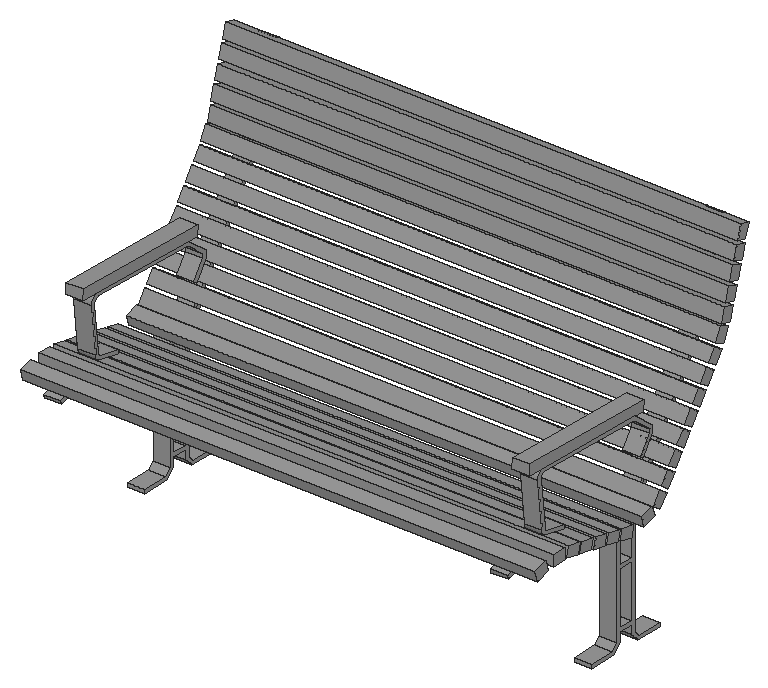
Revit family "Скамейка стальная «Лакус» Арт 13230", category Антураж, Revit 2018
Family settings
  На основе рабочей плоскости = Нет
  Всегда вертикально = Да
  При загрузке вырезать с полостями = Нет
  Источник визуального образа = Геометрия семейства
  Общий = Нет
  Точка расчета площади = Нет
Parameters (values of type "Версия 1,5 м")
  Ширина = 810 mm  # constant formula
  Цвет опоры = Сталь
  Цвет лавки = Дерево
  Средняя опора для ног = [Версия 2,0 м с опорой]  # no
  Средняя опора = or([Версия 2,0 м], [Версия 2,0 м с опорой])  # no
  Опора для ног = or([Версия 1,5 м с опорой], [Версия 1,8 м с опорой], [Версия 2,0 м с опорой])  # no
  Описание = if([Версия 1,5 м], "Скамейка стальная «Лакус». Верси 1,5 м", if([Версия 1,5 м с опорой], "Скамейка стальная «Лакус». Версия 1,5 м с опорой для ног", if([Версия 1,8 м], "Скамейка стальная «Лакус». Верси 1,8 м", if([Версия 1,8 м с опорой], "Скамейка стальная «Лакус». Версия 1,8 м с опорой для ног", if([Версия 2,0 м], "Скамейка стальная «Лакус». Верси 2,0 м", "Скамейка стальная «Лакус». Версия 2,0 м с опорой для ног")))))  # "Скамейка стальная «Лакус». Верси 1,5 м"
  Материал изделия = "Сталь, дерево"  # constant formula
  Изображение типоразмера = Скамейка стальная «Лакус» Арт 13230 без опоры.jpg
  Изготовитель = "ООО «Хоббика»"  # constant formula
  Длина = if(or([Версия 1,5 м], [Версия 1,5 м с опорой]), 1500 mm, if(or([Версия 1,8 м], [Версия 1,8 м с опорой]), 1800 mm, 2000 mm))  # 1500 mm
  Группа модели = "Садовые скамейки"  # constant formula
  Высота = 1000 mm  # constant formula
  Версия 2,0 м с опорой = no
  Версия 2,0 м = no
  Версия 1,8 м с опорой = no
  Версия 1,8 м = no
  Версия 1,5 м с опорой = no
  Версия 1,5 м = yes
  Артикул товара = "Арт. 13230"  # constant formula
  URL = "https://hobbyka.ru/product/skameyka_ulichnaya_lakus/"
Types (7, lengths in mm): name | Средняя опора для ног | Средняя опора | Опора для ног | Описание | Изображение типоразмера | Длина | Версия 2,0 м с опорой | Версия 2,0 м | Версия 1,8 м с опорой | Версия 1,8 м | Версия 1,5 м с опорой | Версия 1,5 м
  (no name) | no | no | no | "Скамейка стальная «Лакус». Верси 1,5 м" | Скамейка стальная «Лакус» Арт 13230 без опоры.jpg | 1500 | no | no | no | no | no | yes
  Версия 1,5 м | no | no | no | "Скамейка стальная «Лакус». Верси 1,5 м" | Скамейка стальная «Лакус» Арт 13230 без опоры.jpg | 1500 | no | no | no | no | no | yes
  Версия 1,5 м с опорой | no | no | yes | "Скамейка стальная «Лакус». Версия 1,5 м с опорой для ног" | Скамейка стальная «Лакус» Арт 13230 с опорой.jpg | 1500 | no | no | no | no | yes | no
  Версия 1,8 м | no | no | no | "Скамейка стальная «Лакус». Верси 1,8 м" | Скамейка стальная «Лакус» Арт 13230 без опоры.jpg | 1800 | no | no | no | yes | no | no
  Версия 1,8 с опорой | no | no | yes | "Скамейка стальная «Лакус». Версия 1,8 м с опорой для ног" | Скамейка стальная «Лакус» Арт 13230 с опорой.jpg | 1800 | no | no | yes | no | no | no
  Версия 2,0 м | no | yes | no | "Скамейка стальная «Лакус». Верси 2,0 м" | Скамейка стальная «Лакус» Арт 13230 без опоры.jpg | 2000 | no | yes | no | no | no | no
  Версия 2,0 м с опорой | yes | yes | yes | "Скамейка стальная «Лакус». Версия 2,0 м с опорой для ног" | Скамейка стальная «Лакус» Арт 13230 с опорой.jpg | 2000 | yes | no | no | no | no | no
Reference planes
  plane 1 "По центру (Вперед/Назад)": y = 0
  plane 2: z = 0
  plane 3 "По центру (Влево/Вправо)": x = 0
  plane 4: y = 810
  plane 5: x = 1500
  plane 6: x = 1400
  plane 7: x = 100
  plane 8: z = 1000
Forms (mm)
  Extrusion 1, solid, material "Дерево" <- "Цвет лавки"
    sketch origin (0, 0, 0) x (0, 1, 0) y (0, 0, 1)
      loop
        line (796.405, 981.339) -> (767.568, 989.608) -> (756.542, 951.158) -> (785.38, 942.889) -> (796.405, 981.339)
      loop
        line (782.624, 933.276) -> (753.786, 941.545) -> (742.76, 903.095) -> (771.598, 894.826) -> (782.624, 933.276)
      loop
        line (768.842, 885.213) -> (740.004, 893.482) -> (728.978, 855.032) -> (757.816, 846.763) -> (768.842, 885.213)
      loop
        line (755.06, 837.15) -> (726.222, 845.419) -> (715.196, 806.969) -> (744.034, 798.7) -> (755.06, 837.15)
      loop
        line (741.278, 789.087) -> (712.44, 797.356) -> (701.415, 758.906) -> (730.252, 750.636) -> (741.278, 789.087)
      loop
        line (723.203, 742.124) -> (696.239, 755.275) -> (678.704, 719.323) -> (705.668, 706.172) -> (723.203, 742.124)
      loop
        line (699.317, 693.152) -> (674.743, 710.359) -> (651.8, 677.593) -> (676.374, 660.386) -> (699.317, 693.152)
      loop
        line (670.638, 652.194) -> (646.064, 669.402) -> (623.121, 636.635) -> (647.695, 619.428) -> (670.638, 652.194)
      loop
        line (641.96, 611.237) -> (617.385, 628.444) -> (594.442, 595.678) -> (619.017, 578.471) -> (641.96, 611.237)
      loop
        line (613.281, 570.279) -> (588.706, 587.486) -> (565.763, 554.72) -> (590.338, 537.513) -> (613.281, 570.279)
      loop
        line (584.602, 529.321) -> (560.027, 546.529) -> (537.084, 513.763) -> (561.659, 496.555) -> (584.602, 529.321)
      loop
        line (555.923, 488.364) -> (531.349, 505.571) -> (508.406, 472.805) -> (532.98, 455.598) -> (555.923, 488.364)
      loop
        line (527.244, 447.406) -> (502.67, 464.614) -> (479.727, 431.847) -> (504.301, 414.64) -> (527.244, 447.406)
      loop
        line (498.566, 406.449) -> (473.991, 423.656) -> (451.048, 390.89) -> (475.622, 373.683) -> (498.566, 406.449)
      loop
        line (454.624, 364.91) -> (445.853, 393.6) -> (407.601, 381.905) -> (416.372, 353.216) -> (454.624, 364.91)
      loop
        line (370.458, 345.293) -> (376.695, 374.637) -> (337.569, 382.954) -> (331.332, 353.609) -> (370.458, 345.293)
      loop
        line (321.55, 355.688) -> (327.788, 385.033) -> (288.662, 393.349) -> (282.425, 364.005) -> (321.55, 355.688)
      loop
        line (272.643, 366.084) -> (278.88, 395.428) -> (239.755, 403.745) -> (233.517, 374.4) -> (272.643, 366.084)
      loop
        line (223.736, 376.48) -> (229.973, 405.824) -> (190.847, 414.14) -> (184.61, 384.796) -> (223.736, 376.48)
      loop
        line (174.828, 386.875) -> (181.066, 416.22) -> (141.94, 424.536) -> (135.702, 395.192) -> (174.828, 386.875)
      loop
        line (127.009, 394.152) -> (127.009, 424.152) -> (87.009, 424.152) -> (87.009, 394.152) -> (127.009, 394.152)
      loop
        line (67.435, 391.658) -> (58.664, 420.347) -> (20.412, 408.652) -> (29.183, 379.963) -> (67.435, 391.658)
    from 0 to 1500
  Extrusion 2, solid, material "Дерево" <- "Цвет лавки", visible <- "Опора для ног"
    sketch origin (0, 0, 0) x (0, 1, 0) y (0, 0, 1)
      loop
        line (-158.32, 280.609) -> (-167.092, 309.303) -> (-205.14, 296.94) -> (-196.368, 268.247) -> (-158.32, 280.609)
      loop
        line (-205.873, 265.158) -> (-214.645, 293.852) -> (-252.693, 281.489) -> (-243.921, 252.796) -> (-205.873, 265.158)
      loop
        line (-253.425, 249.707) -> (-262.198, 278.401) -> (-300.246, 266.038) -> (-291.474, 237.345) -> (-253.425, 249.707)
      loop
        line (-300.978, 234.257) -> (-309.751, 262.95) -> (-347.799, 250.588) -> (-339.026, 221.894) -> (-300.978, 234.257)
      loop
        line (-348.531, 218.806) -> (-357.304, 247.499) -> (-395.352, 235.137) -> (-386.579, 206.443) -> (-348.531, 218.806)
    from 0 to 1500
Dimensions and locks
  "Длина": plane 3 "По центру (Влево/Вправо)" to plane 5
  "Ширина": plane 4 to plane 1 "По центру (Вперед/Назад)"
  equal spacing: plane 3 "По центру (Влево/Вправо)", nested 5, plane 5
  locked: plane 6 to plane 5 at 100
  locked: plane 3 "По центру (Влево/Вправо)" to plane 7 at 100
  "Высота": plane 8 to level
  aligned and locked: level to plane 2
  aligned and locked: plane 7 to nested 3
  aligned and locked: plane 7 to nested 1
  aligned and locked: plane 6 to nested 4
  aligned and locked: plane 6 to nested 2
  aligned and locked: plane 7 to nested 6
  aligned and locked: plane 6 to nested 7
  aligned and locked: nested 3 to nested 6
  aligned and locked: plane 5 to Extrusion 1
  aligned and locked: nested 8 to nested 5
  aligned and locked: plane 5 to Extrusion 2
Automatic sketch dimensions
  Extrusion 1 sketch curve to plane 1 "По центру (Вперед/Назад)" = 20.412 mm
  Extrusion 1 sketch curve to plane 1 "По центру (Вперед/Назад)" = 29.183 mm
  Extrusion 1 sketch curve to Extrusion 1 sketch curve = 38.252 mm  (x2)
  Extrusion 1 sketch curve to Extrusion 1 sketch curve = 19.574 mm
  Extrusion 1 sketch curve to Extrusion 1 sketch curve = 40 mm
  Extrusion 1 sketch curve to Extrusion 1 sketch curve = 8.694 mm
  Extrusion 1 sketch curve to Extrusion 1 sketch curve = 14.931 mm
  Extrusion 1 sketch curve to Extrusion 1 sketch curve = 39.126 mm  (x5)
  Extrusion 1 sketch curve to Extrusion 1 sketch curve = 9.781 mm  (x8)
  Extrusion 1 sketch curve to Extrusion 1 sketch curve = 30.906 mm
  Extrusion 1 sketch curve to Extrusion 1 sketch curve = 8.771 mm
  Extrusion 1 sketch curve to Extrusion 1 sketch curve = 5.195 mm
  Extrusion 1 sketch curve to Extrusion 1 sketch curve = 22.943 mm  (x8)
  Extrusion 1 sketch curve to Extrusion 1 sketch curve = 20.998 mm
  Extrusion 1 sketch curve to Extrusion 1 sketch curve = 5.736 mm  (x14)
  Extrusion 1 sketch curve to Extrusion 1 sketch curve = 3.961 mm
  Extrusion 1 sketch curve to Extrusion 1 sketch curve = 17.535 mm
  Extrusion 1 sketch curve to Extrusion 1 sketch curve = 5.176 mm
  Extrusion 1 sketch curve to Extrusion 1 sketch curve = 6.35 mm
  Extrusion 1 sketch curve to Extrusion 1 sketch curve = 11.025 mm  (x5)
  Extrusion 1 sketch curve to Extrusion 1 sketch curve = 2.756 mm  (x8)
  Extrusion 1 sketch curve to Extrusion 1 sketch curve = 7.05 mm
  Extrusion 1 sketch curve to plane 8 = 10.392 mm
  Extrusion 1 sketch curve to plane 8 = 18.661 mm
  Extrusion 1 sketch curve to Extrusion 1 sketch curve = 9.613 mm  (x8)
  Extrusion 1 sketch curve to Extrusion 1 sketch curve = 3.63 mm
  Extrusion 1 sketch curve to Extrusion 1 sketch curve = 8.512 mm
  Extrusion 1 sketch curve to Extrusion 1 sketch curve = 8.964 mm
  Extrusion 1 sketch curve to Extrusion 1 sketch curve = 13.02 mm
  Extrusion 1 sketch curve to Extrusion 1 sketch curve = 8.192 mm  (x14)
  Extrusion 1 sketch curve to Extrusion 1 sketch curve = 7.311 mm
  Extrusion 1 sketch curve to Extrusion 1 sketch curve = 0.384 mm
  Extrusion 1 sketch curve to Extrusion 1 sketch curve = 3.805 mm
  Extrusion 1 sketch curve to Extrusion 1 sketch curve = 8.316 mm  (x4)
  Extrusion 1 sketch curve to Extrusion 1 sketch curve = 2.079 mm  (x4)
  Extrusion 1 sketch curve to Extrusion 1 sketch curve = 11.695 mm  (x2)
  Extrusion 1 sketch curve to Extrusion 1 sketch curve = 1.04 mm
  Extrusion 1 sketch curve to Extrusion 1 sketch curve = 2.71 mm
  Extrusion 1 sketch curve to Extrusion 1 sketch curve = 7.267 mm
  plane 1 "По центру (Вперед/Назад)" to Extrusion 2 sketch curve = 395.352 mm
  Extrusion 2 sketch curve to Extrusion 2 sketch curve = 8.772 mm  (x6)
  Extrusion 2 sketch curve to Extrusion 2 sketch curve = 38.048 mm  (x5)
  Extrusion 2 sketch curve to Extrusion 2 sketch curve = 9.505 mm  (x8)
  Extrusion 2 sketch curve to Extrusion 2 sketch curve = 12.363 mm  (x5)
  Extrusion 2 sketch curve to Extrusion 2 sketch curve = 3.088 mm  (x8)
  Extrusion 2 sketch curve to Extrusion 2 sketch curve = 28.694 mm  (x6)
  level to Extrusion 2 sketch curve = 206.443 mm
Nested families
  nested 1: "Скамейка стальная «Лакус» опора подставки" at (100, 0, 0), visible <- "Опора для ног", type "Скамейка стальная «Лакус» опора подставки"
  nested 2: "Скамейка стальная «Лакус» опора подставки" at (1400, 0, 0), visible <- "Опора для ног", type "Скамейка стальная «Лакус» опора подставки"
  nested 3: "Скамейка стальная «Лакус» опора лавки" at (100, 0, 0), type "Скамейка стальная «Лакус» опора лавки"
  nested 4: "Скамейка стальная «Лакус» опора лавки" at (1400, 0, 0), type "Скамейка стальная «Лакус» опора лавки"
  nested 5: "Скамейка стальная «Лакус» опора лавки" at (750, 0, 0), visible <- "Средняя опора", type "Скамейка стальная «Лакус» опора лавки"
  nested 6: "Скамейка стальная «Лакус» подлокотник" at (100, 0, 0), type "Скамейка стальная «Лакус» подлокотник"
  nested 7: "Скамейка стальная «Лакус» подлокотник" at (1400, 0, 0), type "Скамейка стальная «Лакус» подлокотник"
  nested 8: "Скамейка стальная «Лакус» опора подставки" at (750, 0, 0), visible <- "Средняя опора для ног", type "Скамейка стальная «Лакус» опора подставки"
Definition of nested family "Скамейка стальная «Лакус» опора подставки"
  Parameters (values of type "Скамейка стальная «Лакус» опора подставки")
    Цвет опоры = none
    Цвет лавки = none
    Height = 0 mm
  Reference planes
    plane 1 "По центру (Вперед/Назад)": y = 0
    plane 2: z = 0
    plane 3 "По центру (Влево/Вправо)": x = 0
    plane 4: y = 810
    plane 5: z = 1000
  Forms (mm)
    Extrusion 1, solid, material <- "Цвет опоры"
      sketch origin (0, 0, 0) x (0, 1, 0) y (0, 0, 1)
        loop
          line (-172.088, 276.136) -> (-359.783, 215.15) -> (-357.195, 205.49) -> (-169.499, 266.476) -> (-172.088, 276.136)
      from -25 to 25
    Extrusion 2, solid, material <- "Цвет опоры"
      sketch origin (0, 0, 0) x (0, 1, 0) y (0, 0, 1)
        loop
          line (-182.091, 262.385) -> (-243.91, 242.299) -> (-250.015, 225.526) -> (-250.015, 205.626) -> (-269.812, 205.626) -> (-269.812, 214.348) -> (-291.463, 226.848) -> (-334.26, 212.942) -> (-331.17, 203.432) -> (-292.607, 215.962) -> (-279.812, 208.575) -> (-279.812, 29.924) -> (-293.763, 10) -> (-333.557, 10) -> (-333.557, 0) -> (-288.557, 0) -> (-269.812, 26.771) -> (-269.812, 65.626) -> (-250.015, 65.626) -> (-250.015, 25.526) -> (-232.142, 0) -> (-182.142, 0) -> (-182.142, 10) -> (-226.936, 10) -> (-240.015, 28.679) -> (-240.015, 223.763) -> (-236.181, 234.296) -> (-179.001, 252.875) -> (-182.091, 262.385)
        loop
          line (-269.812, 75.626) -> (-250.015, 75.626) -> (-250.015, 195.626) -> (-269.812, 195.626) -> (-269.812, 75.626)
      from -25 to 25
  Dimensions and locks
    plane 5 to plane 2 = 1000 mm
    aligned and locked: level to plane 2
Definition of nested family "Скамейка стальная «Лакус» опора лавки"
  Parameters (values of type "Скамейка стальная «Лакус» опора лавки")
    Цвет опоры = none
    Height = 0 mm
  Reference planes
    plane 1 "По центру (Вперед/Назад)": y = 0
    plane 2: z = 0
    plane 3 "По центру (Влево/Вправо)": x = 0
    plane 4: y = 810
    plane 5: z = 1000
  Forms (mm)
    Extrusion 1, solid, material <- "Цвет опоры"
      sketch origin (0, 0, 0) x (0, 1, 0) y (0, 0, 1)
        loop
          line (796.405, 981.339) -> (734.387, 765.055) -> (699.317, 693.152) -> (475.622, 373.683) -> (466.962, 368.683) -> (390.458, 345.293) -> (370.458, 345.293) -> (140.593, 394.152) -> (75.593, 394.152) -> (13.433, 375.148) -> (16.357, 365.585) -> (77.088, 384.152) -> (139.542, 384.152) -> (369.407, 335.293) -> (391.952, 335.293) -> (470.976, 359.453) -> (482.542, 366.131) -> (707.96, 688.061) -> (743.758, 761.458) -> (805.581, 977.06) -> (796.405, 981.339)
      from -25 to 25
    Extrusion 2, solid, material <- "Цвет опоры"
      sketch origin (0, 0, 0) x (0, 1, 0) y (0, 0, 1)
        loop
          line (300.936, 349.847) -> (298.857, 340.065) -> (400.577, 318.444) -> (411.117, 307.905) -> (411.117, 26.189) -> (394.928, 10) -> (319.07, 10) -> (319.07, 0) -> (399.07, 0) -> (421.117, 22.047) -> (421.117, 50) -> (465.998, 50) -> (465.998, 22.502) -> (488.5, 0) -> (568.5, 0) -> (568.5, 10) -> (492.642, 10) -> (475.998, 26.644) -> (475.998, 339.349) -> (480.087, 345.19) -> (543.969, 436.422) -> (535.777, 442.158) -> (472.014, 351.094) -> (465.998, 342.502) -> (465.998, 225.293) -> (421.117, 225.293) -> (421.117, 312.047) -> (405.554, 327.61) -> (300.936, 349.847)
        loop
          line (465.998, 60) -> (465.998, 215.293) -> (421.117, 215.293) -> (421.117, 60) -> (465.998, 60)
      from -25 to 25
  Dimensions and locks
    plane 5 to plane 2 = 1000 mm
    aligned and locked: level to plane 2
Definition of nested family "Скамейка стальная «Лакус» подлокотник"
  Parameters (values of type "Скамейка стальная «Лакус» подлокотник")
    Цвет опоры = none
    Цвет лавки = none
    Height = 0 mm
  Reference planes
    plane 1 "По центру (Вперед/Назад)": y = 0
    plane 2: z = 0
    plane 3 "По центру (Влево/Вправо)": x = 0
    plane 4: y = 810
    plane 5: z = 1000
  Forms (mm)
    Extrusion 1, solid, material <- "Цвет опоры"
      sketch origin (0, 0, 0) x (0, 1, 0) y (0, 0, 1)
        loop
          line (539.952, 517.858) -> (539.952, 537.858) -> (477.781, 588.204) -> (147.982, 599.721)
          arc (147.982, 599.721) -> (130.482, 592.472) -> (123.233, 574.972) r 24.749
          line (123.233, 574.972) -> (137.344, 440.712)
          arc (137.344, 440.712) -> (140.575, 430.06) -> (149.179, 422.997) r 19.175
          line (149.179, 422.997) -> (217.62, 408.45) -> (219.699, 418.231) -> (152.323, 432.552)
          arc (152.323, 432.552) -> (148.578, 436.117) -> (147.354, 441.14) r 9.175
          line (147.354, 441.14) -> (133.24, 575.429)
          arc (133.24, 575.429) -> (137.661, 585.508) -> (147.83, 589.72) r 14.749
          line (147.83, 589.72) -> (474.088, 578.327) -> (529.952, 533.089) -> (529.952, 521.011) -> (497.346, 474.445) -> (505.538, 468.709) -> (539.952, 517.858)
      from -25 to 25
    Extrusion 2, solid, material <- "Цвет лавки"
      sketch origin (0, 0, 0) x (0, 1, 0) y (0, 0, 1)
        loop
          line (507.762, 587.157) -> (508.809, 617.139) -> (94.062, 631.622) -> (93.015, 601.64) -> (507.762, 587.157)
      from -25 to 25
  Dimensions and locks
    plane 5 to plane 2 = 1000 mm
    aligned and locked: level to plane 2
